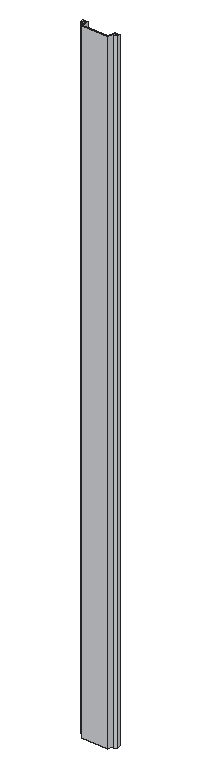
Revit family "鋼板樁1", category 一般模型, Revit 2014
Parameters (values of type "鋼板樁 2")
  b = 200 mm
  a = -7800 mm
Reference planes
  plane 1 "中心 (前/後)": y = 0
  plane 2: z = 0
  plane 3 "中心 (左/右)": x = 0
Forms (mm)
  Extrusion 1, solid
    sketch origin (0, 0, 0) x (1, 0, 0) y (0, 1, 0)
      loop
        line (61.539, -102.012) -> (397.257, -102.012) -> (411.894, -15.5) -> (443.296, -15.5) -> (443.296, -34.012) -> (425.618, -51.689) -> (433.368, -59.439) -> (458.796, -34.012) -> (458.796, 0) -> (398.796, 0) -> (384.159, -86.512) -> (74.637, -86.512) -> (60, 0) -> (0, 0) -> (0, -34.012) -> (25.428, -59.439) -> (33.178, -51.689) -> (15.5, -34.012) -> (15.5, -15.5) -> (46.902, -15.5) -> (61.539, -102.012)
    from 200 <- "b" to -7800 <- "a"
Dimensions and locks
  aligned and locked: level to plane 2
